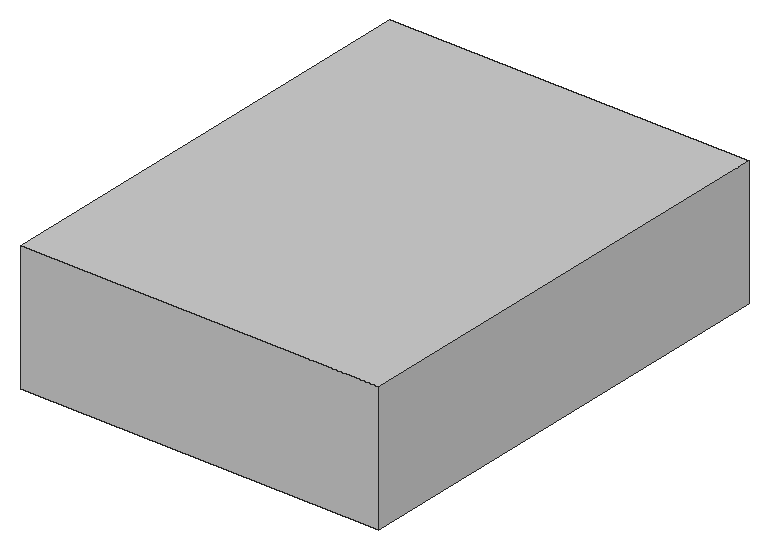
Revit family "Footing-Rectangular", category Structural Foundations, Revit 2019
Family settings
  Material for Model Behavior = Concrete
  Cap = No
  Work Plane-Based = No
  Always vertical = Yes
  Cut with Voids When Loaded = No
  Shared = No
Parameters (values of type "1800 x 1200 x 450mm")
  Width = 1400 mm
  Structural Material [instance] = Concrete - Cast-in-Place Concrete
  Length = 1800 mm
  Foundation Thickness = 500 mm
  Assembly Code = ""
Types (2, lengths in mm): name | Width | Length | Foundation Thickness
  1800 x 1200 x 450mm | 1400 | 1800 | 500
  2400 x 1800 x 450mm | 1800 | 2400 | 450
Reference planes
  plane 1 "Center (Front/Back)": y = 0
  plane 2: z = 0
  plane 3 "Center (Left/Right)": x = 0
  plane 4: x = -700
  plane 5: x = 700
  plane 6: y = 900
  plane 7: y = -900
Forms (mm)
  Extrusion 1, solid, material "Concrete - Cast-in-Place Concrete" <- "Structural Material"
    sketch origin (0, 0, 0) x (1, 0, 0) y (0, 1, 0)
      loop
        line (-700, 900) -> (-700, -900) -> (700, -900) -> (700, 900) -> (-700, 900)
    from -500 to 0
Dimensions and locks
  "Foundation Thickness": plane 2 to Extrusion 1
  "Width": plane 4 to plane 5
  "Length": plane 6 to plane 7
  equal spacing: plane 6, plane 1 "Center (Front/Back)", plane 7
  equal spacing: plane 4, plane 3 "Center (Left/Right)", plane 5
  aligned and locked: plane 4 to Extrusion 1 sketch curve
  aligned and locked: Extrusion 1 sketch curve to plane 5
  aligned and locked: Extrusion 1 sketch curve to plane 6
  aligned and locked: plane 7 to Extrusion 1 sketch curve
  aligned and locked: level to Extrusion 1
